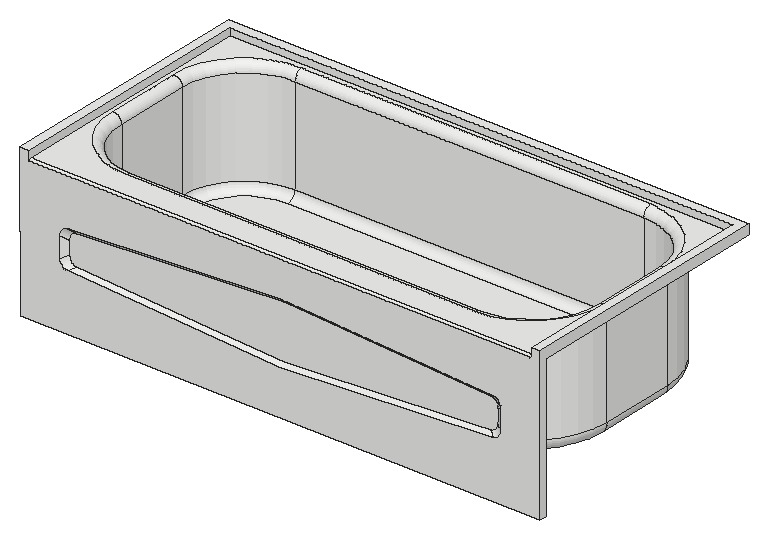
Revit family "xBathtub-American_Standard-New_Solar_AFR-0263_Series", category Plumbing Fixtures, Revit 2019
Family settings
  Round Connector Dimension = Use Diameter
  Part Type = Normal
  OmniClass Number = 23.45.05.14.21
  OmniClass Title = Bathtubs
  Work Plane-Based = Yes
  Always vertical = No
  Cut with Voids When Loaded = No
  Shared = Yes
  Room Calculation Point = No
Parameters (values of type "0263.112.020")
  Width = 60"  # constant formula
  Water Retention Flange = "Straight Tiling Flange"
  Waste Outlet Offset = 14 3/8"  # constant formula
  Waste Connection Diameter = 2 1/8"  # constant formula
  Waste Connection = yes
  WFU = 4
  Vent Connection = no
  URL = "https://www.americanstandard-us.com/"
  Tub Type = "Alcove Rectangular Bath Tub"
  Tiling Flange Height = 13/16"  # constant formula
  Shipping Weight = "85lbs. (39 kg)"  # constant formula
  Right-Hand Outlet = if(Outlet Location = 52", 1 = 1, 1 = 0)  # yes
  Revised Date = "10/08/2021"
  Product Style = "Integral Apron"
  Product Page URL = "https://www.americanstandard-us.com/Alcove-Bathtubs/New-Solar-60-x-30-Inch-Integral-Apron-Bathtub-Above-Floor-Rough-With-Right-Hand-Outlet/WHITE-0263112020"
  Product Documentation Link = "https://americanstandard.box.com/shared/static/usknuaq04htmwguyehb9pur7xykjn5s9.pdf"
  Outlet Location = 52"
  Model = "0263.112.020"
  Material = "Enameled Steel-American Standard-020-White"  # constant formula
  Manufacturer = "American Standard"
  Lumbar Support = "Fully-Bonded Support Pad"
  Length = 30"  # constant formula
  Left-Hand Outlet = if(Outlet Location = 8", 1 = 1, 1 = 0)  # no
  Height = 16 5/8"  # constant formula
  HWFU = 3
  HW Connection = no
  Finish = Enameled Steel-American Standard-020-White
  Description = "New Solar® 60 x 30-Inch Integral Apron Bathtub Above Floor Rough With Right-Hand Outlet"
  Default Elevation = 0"
  Creation Date = "03/05/2012"
  CWFU = 3
  CW Connection = no
  Bathing Well Depth = 13 1/4"  # constant formula
  Bath Type = "Bathing Pool"
  Assembly Code = "D2010510"
  ASTM F-462 for Slip-resistant Bathing Facilities = yes
  ASME A112.19.4 for Enameled Steel Plumbing = yes
  ADA Compliant = yes
Types (3): name | Right-Hand Outlet | Product Page URL | Outlet Location | Model | Left-Hand Outlet | Description
  (no name) | yes | "https://www.americanstandard-us.com/Alcove-Bathtubs/New-Solar-60-x-30-Inch-Integral-Apron-Bathtub-Above-Floor-Rough-With-Right-Hand-Outlet/WHITE-0263112020" | 52" | "0263.112.020" | no | "New Solar® 60 x 30-Inch Integral Apron Bathtub Above Floor Rough With Right-Hand Outlet"
  0263.112.020 | yes | "https://www.americanstandard-us.com/Alcove-Bathtubs/New-Solar-60-x-30-Inch-Integral-Apron-Bathtub-Above-Floor-Rough-With-Right-Hand-Outlet/WHITE-0263112020" | 52" | "0263.112.020" | no | "New Solar® 60 x 30-Inch Integral Apron Bathtub Above Floor Rough With Right-Hand Outlet"
  0263.212.020 | no | "https://www.americanstandard-us.com/Alcove-Bathtubs/New-Solar-60-x-30-Inch-Integral-Apron-Bathtub-Above-Floor-Rough-With-Left-Hand-Outlet/WHITE-0263212020" | 8" | "0263.212.020" | yes | "New Solar® 60 x 30-Inch Integral Apron Bathtub Above Floor Rough With Left-Hand Outlet"
Reference planes (in)
  plane 1 "Center (Front/Back)": y = 0
  plane 2: z = 0
  plane 3 "Center (Left/Right)": x = 0
  plane 4: y = 14.1875
  plane 5: y = -15.8125
  plane 6: x = 30
  plane 7: x = -30
  plane 8: z = 16.625
  plane 9: z = 17.4375
  plane 10: z = 13.875
  plane 11: y = 13.1875
  plane 12: x = 21
  plane 13: y = -0.1875
  plane 14: x = -14.25
  plane 15: x = 22
  plane 16: z = 3
  plane 17: x = 27.26563
  plane 18: x = -27.48047
Forms (in)
  Blend 1, void
    base sketch origin (0, 0, 16.1958) x (1, 0, 0) y (0, 0, 1)
      loop
        line (-25.43498, -6.29227) -> (-25.43498, -8.66183)
        arc (-25.43498, -8.66183) -> (-25.18112, -9.32762) -> (-24.54843, -9.65538) r 1
        arc (-24.54843, -9.65538) -> (0, -11.05238) -> (24.54843, -9.65538) r 216.38419
        arc (24.54843, -9.65538) -> (25.18112, -9.32762) -> (25.43498, -8.66183) r 1
        line (25.43498, -8.66183) -> (25.43498, -6.29227)
        arc (25.43498, -6.29227) -> (25.18112, -5.62649) -> (24.54843, -5.29873) r 1
        arc (24.54843, -5.29873) -> (0, -3.90173) -> (-24.54843, -5.29873) r 216.38419
        arc (-24.54843, -5.29873) -> (-25.18112, -5.62649) -> (-25.43498, -6.29227) r 1
    top sketch origin (0, 0, 16.1958) x (1, 0, 0) y (0, 0, 1)
      loop
        line (-24.75, -6.69918) -> (-24.75, -8.25493)
        arc (-24.75, -8.25493) -> (-24.50298, -8.90279) -> (-23.88732, -9.22171) r 0.97307
        arc (-23.88732, -9.22171) -> (0, -10.58109) -> (23.88732, -9.22171) r 210.55679
        arc (23.88732, -9.22171) -> (24.50298, -8.90279) -> (24.75, -8.25493) r 0.97307
        line (24.75, -8.25493) -> (24.75, -6.69918)
        arc (24.75, -6.69918) -> (24.50298, -6.05132) -> (23.88732, -5.73239) r 0.97307
        arc (23.88732, -5.73239) -> (0, -4.37302) -> (-23.88732, -5.73239) r 210.55679
        arc (-23.88732, -5.73239) -> (-24.50298, -6.05132) -> (-24.75, -6.69918) r 0.97307
    from 15.8125 to 15.3125
  Extrusion 2, solid, material "Enameled Steel-American Standard-020-White"
    sketch origin (0, 0, 0) x (1, 0, 0) y (0, 1, 0)
      loop
        line (-30, 14.1875) -> (-30, -15.8125) -> (-29, -15.8125) -> (-29, 13.1875) -> (29, 13.1875) -> (29, -15.8125) -> (30, -15.8125) -> (30, 14.1875) -> (-30, 14.1875)
    from 16.31176 to 17.4375
  Extrusion 3, solid, material "Enameled Steel-American Standard-020-White"
    sketch origin (-30, -15.8125, 15.8125) x (1, 0, 0) y (0, 1, 0)
      loop
        line (1, 29) -> (1, 0.8125) -> (59, 0.8125) -> (59, 29) -> (1, 29)
      loop
        line (50.01826, 28.69126) -> (9.76826, 28.69126)
        arc (9.76826, 28.69126) -> (3.75938, 26.2023) -> (1.27041, 20.19342) r 8.49784
        line (1.27041, 20.19342) -> (1.27041, 11.43158)
        arc (1.27041, 11.43158) -> (3.75938, 5.4227) -> (9.76826, 2.93374) r 8.49784
        line (9.76826, 2.93374) -> (50.01826, 2.93374)
        arc (50.01826, 2.93374) -> (56.02714, 5.4227) -> (58.5161, 11.43158) r 8.49784
        line (58.5161, 11.43158) -> (58.5161, 20.19342)
        arc (58.5161, 20.19342) -> (56.02714, 26.2023) -> (50.01826, 28.69126) r 8.49784
    from 0 to 0.8125
  Sweep 4, solid, material "Enameled Steel-American Standard-020-White"
    path origin (0, 0, 0) x (1, 0, 0) y (0, 1, 0)
      loop
        arc (-20.23174, 11.62876) -> (-25.35674, 9.50592) -> (-27.47959, 4.38092) r 7.24784
        line (-27.47959, 4.38092) -> (-27.47959, -4.38092)
        arc (-27.47959, -4.38092) -> (-25.35674, -9.50592) -> (-20.23174, -11.62876) r 7.24784
        line (-20.23174, -11.62876) -> (20.01826, -11.62876)
        arc (20.01826, -11.62876) -> (25.14326, -9.50592) -> (27.2661, -4.38092) r 7.24784
        line (27.2661, -4.38092) -> (27.2661, 4.38092)
        arc (27.2661, 4.38092) -> (25.14326, 9.50592) -> (20.01826, 11.62876) r 7.24784
        line (20.01826, 11.62876) -> (-20.23174, 11.62876)
    profile origin (-0.10674, 11.62876, 0) x (0, 1, 0) y (0, 0, 1)
      loop
        line (0, 15.625) -> (0, 4.4491)
        arc (0, 4.4491) -> (-0.29289, 3.74199) -> (-1, 3.4491) r 1
        line (-1, 3.4491) -> (-3, 3.4491) -> (-3, 3) -> (-0.25, 3)
        arc (-0.25, 3) -> (0.81066, 3.43934) -> (1.25, 4.5) r 1.5
        line (1.25, 4.5) -> (1.25, 16.625) -> (1, 16.625)
        arc (1, 16.625) -> (0.29289, 16.33211) -> (0, 15.625) r 1
  Extrusion 5, solid, material "Enameled Steel-American Standard-020-White"
    sketch origin (0, 0, 0) x (1, 0, 0) y (0, 1, 0)
      loop
        arc (-20.23174, 8.62876) -> (-23.23542, 7.3846) -> (-24.47959, 4.38092) r 4.24784
        line (-24.47959, 4.38092) -> (-24.47959, -4.38092)
        arc (-24.47959, -4.38092) -> (-23.23542, -7.3846) -> (-20.23174, -8.62876) r 4.24784
        line (-20.23174, -8.62876) -> (20.01826, -8.62876)
        arc (20.01826, -8.62876) -> (23.02194, -7.3846) -> (24.2661, -4.38092) r 4.24784
        line (24.2661, -4.38092) -> (24.2661, 4.38092)
        arc (24.2661, 4.38092) -> (23.02194, 7.3846) -> (20.01826, 8.62876) r 4.24784
        line (20.01826, 8.62876) -> (-20.23174, 8.62876)
    from 3 to 3.4491
  Extrusion 6, solid, material "Enameled Steel-American Standard-020-White"
    sketch origin (0, 0, 0) x (0, 1, 0) y (0, 0, 1)
      loop
        arc (-15.5625, 16.625) -> (-15.73928, 16.55178) -> (-15.8125, 16.375) r 0.25
        line (-15.8125, 16.375) -> (-15.8125, 0) -> (-15, 0) -> (-15, 16.625) -> (-15.5625, 16.625)
    from -30 to 30
  Extrusion 7, void
    sketch origin (7.75, 0, 0) x (1, 0, 0) y (0, 1, 0)
      loop
        circle (14.25, -0.1875) r 1.0625
    from 2.9491 to 5.25791
  Revolve 8, solid, material "Enameled Steel-American Standard-020-White", visible <- "Right-Hand Outlet"
    sketch origin (0, 0, 13.875) x (1, 0, 0) y (0, 1, 0)
      loop
        line (26.95312, -0.1875) -> (27.27621, -0.1875) -> (27.27621, 0.875) -> (26.95312, 0.875) -> (26.95312, -0.1875)
      axis (26.95312, -0.1875) -> (27.27621, -0.1875)
    angle from 0 to 360
  Revolve 9, solid, material "Enameled Steel-American Standard-020-White", visible <- "Left-Hand Outlet"
    sketch origin (0, 0, 13.875) x (1, 0, 0) y (0, 1, 0)
      loop
        line (-27.48047, -0.1875) -> (-27.15738, -0.1875) -> (-27.15738, 0.875) -> (-27.48047, 0.875) -> (-27.48047, -0.1875)
      axis (-27.48047, -0.1875) -> (-27.15738, -0.1875)
    angle from 0 to 360
Cuts and joins
  Extrusion 7 cuts Extrusion 2
  Extrusion 7 cuts Extrusion 3
  Extrusion 7 cuts Sweep 4
  Extrusion 7 cuts Extrusion 5
  Blend 1, Extrusion 7 cuts Extrusion 6
  joined: Extrusion 2, Extrusion 3, Sweep 4, Extrusion 5, Extrusion 6
Lines and regions (in)
  Masking region 1
    outline origin (0, 0, 0) x (1, 0, 0) y (0, 1, 0)
      loop
        line (30, -15.8125) -> (30, 14.1875) -> (-30, 14.1875) -> (-30, -15.8125) -> (30, -15.8125)
  symbolic lines, detail levels fine
    curve 1: line (-29, 13.1875, 0) -> (29, 13.1875, 0)
    curve 2: line (-29, -15.8125, 0) -> (-29, 13.1875, 0)
    curve 3: line (29, 13.1875, 0) -> (29, -15.8125, 0)
  symbolic lines, detail levels medium+fine
    curve 4: arc (20.01826, 11.62876, 0) -> (25.14326, 9.50592, 0) -> (27.2661, 4.38092, 0) r 7.24784
    curve 5: line (27.2661, 4.38092, 0) -> (27.2661, -4.38092, 0)
    curve 6: arc (27.2661, -4.38092, 0) -> (25.14326, -9.50592, 0) -> (20.01826, -11.62876, 0) r 7.24784
    curve 7: line (-20.23174, -11.62876, 0) -> (20.01826, -11.62876, 0)
    curve 8: arc (-20.23174, 11.62876, 0) -> (-25.35674, 9.50592, 0) -> (-27.47959, 4.38092, 0) r 7.24784
    curve 9: line (-27.47959, 4.38092, 0) -> (-27.47959, -4.38092, 0)
    curve 10: arc (-27.47959, -4.38092, 0) -> (-25.35674, -9.50592, 0) -> (-20.23174, -11.62876, 0) r 7.24784
    curve 11: line (-20.23174, 11.62876, 0) -> (20.01826, 11.62876, 0)
    curve 12: circle (22, -0.1875, 0) r 1.0625 normal (0, 0, -1)
  symbolic lines, visible <- "Left-Hand Outlet", detail levels medium+fine
    curve 13: line (-27.15738, 0.875, 0) -> (-27.15738, -1.25, 0)
    curve 14: line (-27.15738, 0.875, 0) -> (-27.47959, 0.875, 0)
    curve 15: line (-27.15738, -1.25, 0) -> (-27.47959, -1.25, 0)
  symbolic lines, visible <- "Right-Hand Outlet", detail levels medium+fine
    curve 16: line (26.95313, 0.875, 0) -> (26.95313, -1.25, 0)
    curve 17: line (26.95313, 0.875, 0) -> (27.2661, 0.875, 0)
    curve 18: line (26.95313, -1.25, 0) -> (27.2661, -1.25, 0)
Dimensions and locks (in)
  "Width": plane 7 to plane 6
  "Length": plane 4 to plane 5
  "Height": plane 8 to plane 2
  "Waste Outlet Offset": plane 4 to plane 13
  "Outlet Location": plane 7 to plane 15
  "Tiling Flange Height": plane 9 to plane 8
  plane 10 to plane 2 = 13 7/8"
  plane 16 to plane 2 = 3"
  plane 16 to level = 3"
  locked: Revolve 8 sketch curve to Revolve 8 sketch curve at 0.32309
  locked: Revolve 9 sketch curve to Revolve 9 sketch curve at 0.32309
  locked: plane 13 to curve 8 at 4.56842
  locked: curve 10 to plane 13 at 4.19342
  locked: curve 7 to plane 5 at 4.18374
  locked: plane 4 to curve 11 at 2.55874
  locked: curve 6 to plane 13 at 4.19342
  locked: plane 13 to curve 4 at 4.56842
  locked: curve 6 to plane 17 at 7.24737
  curve 4 to plane 17 = 7.24737"
  "Waste Connection Diameter": diameter of Extrusion 7 sketch curve
  aligned and locked: Blend 1 to plane 5
  aligned and locked: plane 15 to Extrusion 7 sketch curve
  aligned and locked: plane 13 to Extrusion 7 sketch curve
  aligned and locked: plane 15 to curve 12
Automatic sketch dimensions
  Blend 1 sketch curve to plane 3 "Center (Left/Right)" = 0"  (x2)
  plane 3 "Center (Left/Right)" to Blend 1 sketch curve = 0"  (x2)
  Blend 1 sketch curve to Blend 1 sketch curve = 0"  (x8)
  Blend 1 sketch curve to Blend 1 sketch curve = 1"  (x2)
  Blend 1 sketch curve to plane 6 = 5.56502"
  Blend 1 sketch curve to level = 204.09012"
  Blend 1 sketch curve to plane 10 = 6.34103"  (x2)
  Blend 1 sketch curve to Blend 1 sketch curve = 2.36956"  (x2)
  plane 9 to Blend 1 sketch curve = 204.09012"
  Blend 1 sketch curve to Blend 1 sketch curve = 0.97307"  (x2)
  Blend 1 sketch curve to plane 6 = 6.22307"
  Blend 1 sketch curve to level = 198.73401"
  Blend 1 sketch curve to plane 10 = 5.93412"  (x2)
  Blend 1 sketch curve to Blend 1 sketch curve = 1.55575"  (x2)
  plane 9 to Blend 1 sketch curve = 198.73401"
  Sweep 4 sketch curve to plane 7 = 2.52041"
  Sweep 4 sketch curve to plane 4 = 2.55874"
  Sweep 4 sketch curve to plane 6 = 9.98174"
  plane 1 "Center (Front/Back)" to Sweep 4 sketch curve = 4.38092"  (x2)
  Sweep 4 sketch curve to Sweep 4 sketch curve = 0"
  Sweep 4 sketch curve to plane 6 = 2.7339"
  profile plane to Sweep 4 sketch curve = 1/4"
  Sweep 4 sketch curve to profile plane = 0"
  profile plane to Sweep 4 sketch curve = 1"
  Sweep 4 sketch curve to Sweep 4 sketch curve = 2"
  Sweep 4 sketch curve to profile plane = 1"
  Sweep 4 sketch curve to Sweep 4 sketch curve = 1/4"
  level to Sweep 4 sketch curve = 3"
  Sweep 4 sketch curve to Sweep 4 sketch curve = 0.4491"
  Sweep 4 sketch curve to Sweep 4 sketch curve = 11.1759"
  Sweep 4 sketch curve to plane 1 "Center (Front/Back)" = 4.38092"
  plane 12 to Extrusion 5 sketch curve = 0.98174"  (x2)
  Extrusion 5 sketch curve to plane 12 = 3.2661"
  plane 1 "Center (Front/Back)" to Extrusion 5 sketch curve = 4.38092"
  Extrusion 5 sketch curve to plane 1 "Center (Front/Back)" = 4.38092"
  Extrusion 5 sketch curve to Extrusion 5 sketch curve = 4.24784"
  Extrusion 2 sketch curve to plane 4 = 0"
  Extrusion 2 sketch curve to plane 7 = 0"
  plane 11 to Extrusion 2 sketch curve = 0"
  Extrusion 2 sketch curve to plane 5 = 0"  (x2)
  Extrusion 2 sketch curve to plane 6 = 0"
  plane 11 to Extrusion 3 sketch curve = 0"
  plane 5 to Extrusion 3 sketch curve = 2.93374"
  plane 11 to Extrusion 3 sketch curve = 0.30874"
  plane 5 to Extrusion 3 sketch curve = 13/16"
  Extrusion 6 sketch curve to plane 5 = 0"
  plane 8 to Extrusion 6 sketch curve = 0"
  Extrusion 6 sketch curve to level = 0"
  plane 5 to Extrusion 6 sketch curve = 1/4"
  plane 5 to Extrusion 6 sketch curve = 13/16"
  Masking region 1 sketch curve to plane 5 = 0"
  Masking region 1 sketch curve to plane 7 = 0"
  Masking region 1 sketch curve to plane 4 = 0"
  Masking region 1 sketch curve to plane 6 = 0"
  plane 13 to Extrusion 3 sketch curve = 4.19342"
  Extrusion 3 sketch curve to plane 1 "Center (Front/Back)" = 4.38092"  (x2)
  Extrusion 2 sketch curve to plane 7 = 1"
  Extrusion 3 sketch curve to plane 7 = 1"
  Extrusion 2 sketch curve to plane 6 = 1"
  Extrusion 3 sketch curve to plane 6 = 9.98174"  (x2)
  Extrusion 3 sketch curve to plane 6 = 1"
  Blend 1 sketch curve to plane 7 = 5.56502"
  Blend 1 sketch curve to plane 7 = 6.22307"
  Extrusion 3 sketch curve to plane 7 = 1.27041"
  Extrusion 5 sketch curve to plane 7 = 9.76826"  (x2)
  Revolve 8 sketch curve to plane 13 = 0"
  plane 13 to Revolve 8 sketch curve = 0"
  Revolve 8 sketch curve to plane 1 "Center (Front/Back)" = 7/8"
  plane 18 to Revolve 8 sketch curve = 0.17691"
  plane 7 to Revolve 8 sketch curve = 5.67497"
  Revolve 9 sketch curve to plane 13 = 0"
  plane 13 to Revolve 9 sketch curve = 0"
  Revolve 9 sketch curve to plane 18 = 0"
  Revolve 9 sketch curve to plane 1 "Center (Front/Back)" = 7/8"
  plane 18 to Revolve 9 sketch curve = 0.17691"
  plane 7 to Revolve 9 sketch curve = 5.67497"
  Revolve 8 sketch curve to plane 17 = 5/16"
  plane 11 to curve 2 = 0"
  curve 2 to plane 5 = 0"
  curve 3 to plane 5 = 0"
  plane 13 to curve 12 = 0"
  curve 10 to plane 18 = 7.24873"
  curve 15 to curve 15 = 0.3222"
  curve 1 to plane 7 = 1"
  curve 16 to plane 17 = 5/16"
  curve 3 to plane 6 = 1"
  plane 13 to curve 15 = 1 1/16"
  curve 16 to plane 1 "Center (Front/Back)" = 7/8"
  curve 13 to plane 1 "Center (Front/Back)" = 7/8"
  plane 13 to curve 18 = 1 1/16"
  radius of curve 12 = 1 1/16"
Connectors (in)
  piping at (22, -0.1875, 3), diameter 2.125, driven by "Waste Connection Diameter", driven by "WFU"
    settings: on cut or joined group of Blend 1, Extrusion 2, Extrusion 3, Sweep 4, Extrusion 5, Extrusion 6, Extrusion 7, index 1, connector inside diameter 24", connector length 0", flow factor 0, pipe flow 0 GPM, pressure drop 0.00 psi, fitting loss kfactor 0, connector angle 0.00°, fixture units 4, engagement length 0", angle of deflection 0.00°, flow configuration 3, flow direction 2, fitting loss method 0, system type 16, joint type 0, gender type 0, connector reference index -1, connector utility 0, adjustable connector no, is connector primary yes, connector description "2 1/8\" Sanitary Outlet Connection"
